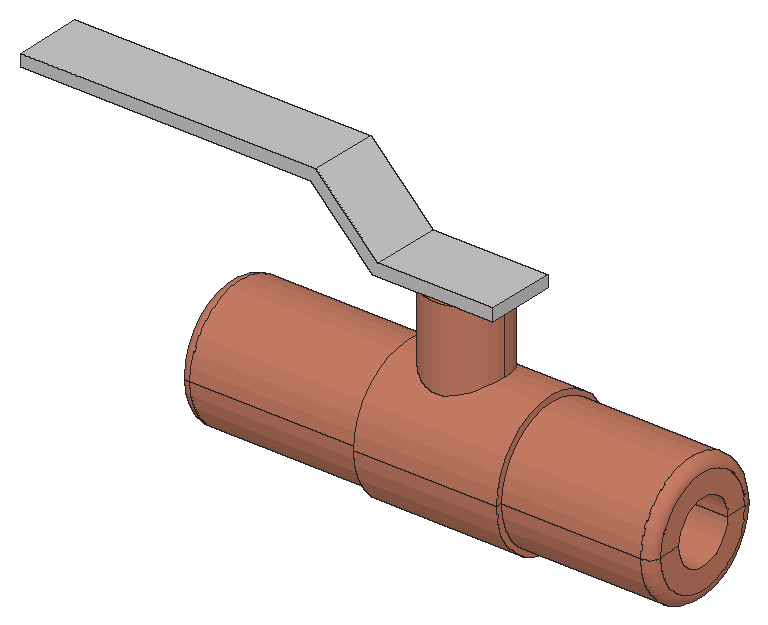
Revit family "Ball_Valves-Full_Port-WATTS-LFFBV3CQC_Series", category Pipe Accessories, Revit 2014
Parameters (values of type "LFFBV-3C-QC - 0.5"")
  built-in parameter 1114242 [instance] = (empty or 0)
  URL = "www.watts.com"
  Type Comments = ""
  Stem Radius = 0.310"
  Stem Height = 1.123"
  Region = "North America"  # constant formula
  Quick Connect Fillet = 0.090"  # constant formula
  Product Page URL = "http://www.watts.com/pages/_products_details.asp?pid=6968"
  Product Documentation Link = "http://media.wattswater.com/ES-LFFBV-3C-QC.pdf"
  Ordering Code = "0555269"
  Model = "LFFBV-3C-QC"  # constant formula
  Max. Working Pressure = "200psi @ 180°F (13.8 bar @ 82°C)"  # constant formula
  Material = "Lead Free-WATTS-Copper Silicon Alloy"  # constant formula
  Manufacturer Product Line = "Water Safety & Flow Control"  # constant formula
  Manufacturer = "WATTS"  # constant formula
  Length = 3.813"
  Handle Width = 0.550"
  Handle Thickness = 0.098"
  Handle Length = 3.375"
  Handle Height = 0.500"
  Description = "2 Piece, Full Port, Lead Free Brass Ball Valve"  # constant formula
  Country = "United States"  # constant formula
  Connection Type = "Quick Connect"  # constant formula
  Connection Radius = 1/4"
  Center To Outlet = Length / 2  # 1.9065"
  Center To Inlet = Length / 2  # 1.9065"
  Center To Handle Tang = 0.436"
  Center To Handle Back = Handle Width / 2  # 0.275"
  Center To Handle Angle = 0.492"
  Body Outlet Length = 0.690"
  Body Inlet Length = 0.460"
  Body Radius = 0.560"
  Quick Connect Radius = 0.515"
  Body Midpoint = (Center To Inlet + Center To Outlet) / 2  # 1.9065"
  Annotation Circle Radius = if(1 = 1, Body Radius / 2, 0.000")  # 0.280"
Types (4): name | Stem Radius | Stem Height | Ordering Code | Length | Handle Width | Handle Thickness | Handle Length | Handle Height | Connection Radius | Center To Outlet | Center To Inlet | Center To Handle Tang | Center To Handle Back | Center To Handle Angle | Body Outlet Length | Body Inlet Length | Body Radius | Quick Connect Radius | Body Midpoint | Annotation Circle Radius
  (no name) | 0.310" | 1.123" | "0555269" | 3.813" | 0.550" | 0.098" | 3.375" | 0.500" | 1/4" | 1.9065" | 1.9065" | 0.436" | 0.275" | 0.492" | 0.690" | 0.460" | 0.560" | 0.515" | 1.9065" | 0.280"
  LFFBV-3C-QC - 0.5" | 0.310" | 1.123" | "0555269" | 3.813" | 0.550" | 0.098" | 3.375" | 0.500" | 1/4" | 1.9065" | 1.9065" | 0.436" | 0.275" | 0.492" | 0.690" | 0.460" | 0.560" | 0.515" | 1.9065" | 0.280"
  LFFBV-3C-QC - 0.75" | 0.375" | 1.359" | "0555270" | 4.563" | 0.689" | 0.110" | 4.000" | 0.689" | 3/8" | 2.2815" | 2.2815" | 0.530" | 0.3445" | 0.483" | 0.830" | 0.630" | 0.780" | 0.660" | 2.2815" | 0.390"
  LFFBV-3C-QC - 1" | 0.465" | 1.633" | "0555271" | 5.000" | 0.807" | 0.126" | 4.250" | 0.750" | 1/2" | 2.500" | 2.500" | 0.640" | 0.4035" | 0.577" | 0.900" | 0.760" | 0.910" | 0.790" | 2.500" | 0.455"
Reference planes (in)
  plane 1 "Center (Front/Back)": y = 0
  plane 2 "Center (Elevation)": z = 0
  plane 3 "Center (Left/Right)": x = 0
  plane 4 "Inlet": x = -1.9065
  plane 5 "Outlet": x = 1.9065
  plane 6 "Body Inlet": x = -0.46
  plane 7 "Body Main Front": y = -0.56
  plane 8 "Body Small Front": y = -0.515
  plane 9 "Handle Back": y = 0.275
  plane 10 "Handle Front": y = -0.275
  plane 11 "Handle Tang": x = 0.436
  plane 12 "HandLength": x = -3.375
  plane 13: z = 1.123
  plane 14 "HandThk": z = 1.221
  plane 15 "Handle Ang": x = -0.492
  plane 16 "HandHgt": z = 1.623
  plane 17: z = 1.721
  plane 18 "Body Main Back": y = 0.56
  plane 19 "AnnotaionTop": z = 0.56
  plane 20 "Annotation_Bottom": z = -0.56
  plane 21 "Body Small Back": y = 0.515
  plane 22 "Body Midpoint": x = 0
  plane 23 "Body Outlet": x = 0.69
  plane 24: y = 0.25
Forms (in)
  Extrusion 1, solid, material "Lead Free-WATTS-Copper SIlicon Alloy"
    sketch origin (0, 0, 0) x (1, 0, 0) y (0, 1, 0)
      loop
        circle (0, 0) r 0.31
    from 0 to 1.123 <- "Stem Height"
  Extrusion 2, solid, material "Metal-WATTS-Steel"
    sketch origin (0, 0.275, 0) x (1, 0, 0) y (0, 0, 1)
      loop
        line (0.436, 1.221) -> (-0.492, 1.221) -> (-0.992, 1.721) -> (-3.375, 1.721) -> (-3.375, 1.623) -> (-1.03259, 1.623) -> (-0.53259, 1.123) -> (0.436, 1.123) -> (0.436, 1.221)
    from 0 to 0.55 <- "Handle Width"
  Revolve 3, solid, material "Lead Free-WATTS-Copper SIlicon Alloy"
    sketch origin (0, 0, 0) x (1, 0, 0) y (0, 1, 0)
      loop
        line (-1.9065, 0.25) -> (1.9065, 0.25) -> (1.9065, 0.425)
        arc (1.9065, 0.425) -> (1.88014, 0.48864) -> (1.8165, 0.515) r 0.09
        line (1.8165, 0.515) -> (0.69, 0.515) -> (0.69, 0.56) -> (-0.46, 0.56) -> (-0.46, 0.515) -> (-1.8165, 0.515)
        arc (-1.8165, 0.515) -> (-1.88014, 0.48864) -> (-1.9065, 0.425) r 0.09
        line (-1.9065, 0.425) -> (-1.9065, 0.25)
      axis (-1.9065, 0) -> (1.9065, 0)
    angle from 0 to 360
Cuts and joins
  joined: Extrusion 1, Revolve 3
Lines and regions (in)
  Masking region 1, detail levels fine
    outline origin (0, 0, 0) x (1, 0, 0) y (0, 1, 0)
      loop
        line (-0.46, 0.56) -> (-0.46, 0.515) -> (-1.9065, 0.515) -> (-1.9065, 0.275) -> (-3.375, 0.275) -> (-3.375, -0.275) -> (-1.9065, -0.275) -> (-1.9065, -0.515) -> (-0.46, -0.515) -> (-0.46, -0.56) -> (0.69, -0.56) -> (0.69, -0.515) -> (1.9065, -0.515) -> (1.9065, 0.515) -> (0.69, 0.515) -> (0.69, 0.56) -> (-0.46, 0.56)
  model lines, detail levels coarse+medium
    curve 1: line (-1.9065, 0.56, 0) -> (0, 0, 0)
    curve 2: line (1.9065, -0.56, 0) -> (1.9065, 0.56, 0)
    curve 3: line (1.9065, 0.56, 0) -> (0, 0, 0)
    curve 4: line (-1.9065, -0.56, 0) -> (-1.9065, 0.56, 0)
    curve 5: circle (0, 0, 0) r 0.28 normal (0, 0, 1)
    curve 6: line (0, 0, 0) -> (1.9065, -0.56, 0)
    curve 7: line (0, 0, 0) -> (-1.9065, -0.56, 0)
  symbolic lines, detail levels fine
    curve 8: line (-3.375, 0.275, 0) -> (0.436, 0.275, 0)
    curve 9: line (-3.375, -0.275, 0) -> (-3.375, 0.275, 0)
    curve 10: line (0.436, -0.275, 0) -> (-3.375, -0.275, 0)
    curve 11: line (0.436, 0.275, 0) -> (0.436, -0.275, 0)
    curve 12: line (0.69, 0.515, 0) -> (0.69, -0.515, 0)
    curve 13: line (-0.46, 0.56, 0) -> (-0.46, 0.275, 0)
    curve 14: line (-0.46, -0.275, 0) -> (-0.46, -0.56, 0)
Dimensions and locks (in)
  "Center To Inlet": plane 4 "Inlet" to plane 3 "Center (Left/Right)"
  "Center To Outlet": plane 3 "Center (Left/Right)" to plane 5 "Outlet"
  "Body Radius": plane 7 "Body Main Front" to plane 1 "Center (Front/Back)"
  "Quick Connect Radius": plane 8 "Body Small Front" to plane 1 "Center (Front/Back)"
  "Body Inlet Length": plane 6 "Body Inlet" to plane 3 "Center (Left/Right)"
  "Stem Radius": plane 3 "Center (Left/Right)" to Extrusion 1 sketch curve
  "Center To Handle Back": plane 1 "Center (Front/Back)" to plane 9 "Handle Back"
  "Handle Width": plane 10 "Handle Front" to plane 9 "Handle Back"
  "Stem Height": plane 13 to level
  "Handle Thickness": plane 14 "HandThk" to plane 13
  "Center To Handle Tang": plane 11 "Handle Tang" to plane 3 "Center (Left/Right)"
  "Center To Handle Angle": plane 3 "Center (Left/Right)" to plane 15 "Handle Ang"
  "Handle Length": plane 3 "Center (Left/Right)" to plane 12 "HandLength"
  "Handle Thickness": plane 17 to plane 16 "HandHgt"
  "Handle Height": plane 16 "HandHgt" to plane 13
  "Center To Handle Angle": plane 3 "Center (Left/Right)" to Extrusion 2 sketch curve
  "Handle Thickness": Extrusion 2 sketch curve to Extrusion 2 sketch curve
  "Body Radius": plane 1 "Center (Front/Back)" to plane 18 "Body Main Back"
  "Body Radius": plane 2 "Center (Elevation)" to plane 20 "Annotation_Bottom"
  "Body Radius": plane 19 "AnnotaionTop" to plane 2 "Center (Elevation)"
  "Quick Connect Radius": plane 1 "Center (Front/Back)" to plane 21 "Body Small Back"
  "Body Midpoint": plane 4 "Inlet" to plane 22 "Body Midpoint"
  "Body Outlet Length": plane 3 "Center (Left/Right)" to plane 23 "Body Outlet"
  "Connection Radius": plane 24 to plane 1 "Center (Front/Back)"
  "Annotation Circle Radius": radius of curve 5
  "Quick Connect Fillet": radius of Revolve 3 sketch curve  (x2)
  angle plane 15 "Handle Ang" to Extrusion 2 sketch curve = 45.00°
  aligned and locked: plane 11 "Handle Tang" to Extrusion 2 sketch curve
  aligned and locked: Extrusion 2 sketch curve to plane 14 "HandThk"
  aligned and locked: plane 17 to Extrusion 2 sketch curve
  aligned and locked: plane 12 "HandLength" to Extrusion 2 sketch curve
  aligned and locked: plane 16 "HandHgt" to Extrusion 2 sketch curve
  aligned and locked: plane 13 to Extrusion 2 sketch curve
  aligned and locked: Extrusion 2 to plane 9 "Handle Back"
  aligned and locked: plane 10 "Handle Front" to Extrusion 2
  aligned and locked: Extrusion 1 to plane 13
  aligned and locked: Extrusion 1 to level
  aligned and locked: plane 9 "Handle Back" to curve 8
  aligned and locked: plane 12 "HandLength" to curve 9
  aligned and locked: curve 10 to plane 10 "Handle Front"
  aligned and locked: curve 11 to plane 11 "Handle Tang"
  aligned and locked: plane 22 "Body Midpoint" to curve 5
  aligned and locked: plane 1 "Center (Front/Back)" to curve 5
  aligned and locked: plane 18 "Body Main Back" to curve 4
  aligned and locked: plane 7 "Body Main Front" to curve 7
  aligned and locked: plane 22 "Body Midpoint" to curve 1
  aligned and locked: plane 1 "Center (Front/Back)" to curve 6
  aligned and locked: plane 4 "Inlet" to Revolve 3 sketch curve
  aligned and locked: Revolve 3 sketch curve to plane 21 "Body Small Back"  (x2)
  aligned and locked: plane 6 "Body Inlet" to Revolve 3 sketch curve
  aligned and locked: Revolve 3 sketch curve to plane 18 "Body Main Back"
  aligned and locked: Revolve 3 sketch curve to plane 23 "Body Outlet"
  aligned and locked: Revolve 3 sketch curve to plane 5 "Outlet"
  aligned and locked: plane 1 "Center (Front/Back)" to Revolve 3 sketch curve
  aligned and locked: Masking region 1 sketch curve to cut or joined group of Extrusion 1, Revolve 3  (x2)
  aligned and locked: Masking region 1 sketch curve to plane 7 "Body Main Front"
  aligned and locked: Masking region 1 sketch curve to plane 21 "Body Small Back"  (x2)
  aligned and locked: plane 4 "Inlet" to Masking region 1 sketch curve  (x2)
  aligned and locked: Masking region 1 sketch curve to plane 8 "Body Small Front"  (x2)
  aligned and locked: Masking region 1 sketch curve to plane 5 "Outlet"
  aligned and locked: Masking region 1 sketch curve to plane 23 "Body Outlet"
  aligned and locked: Masking region 1 sketch curve to plane 18 "Body Main Back"
  aligned and locked: plane 6 "Body Inlet" to Masking region 1 sketch curve
  aligned and locked: Extrusion 2 to Masking region 1 sketch curve
  aligned and locked: Masking region 1 sketch curve to Extrusion 2  (x2)
  aligned and locked: curve 13 to cut or joined group of Extrusion 1, Revolve 3
  aligned and locked: plane 24 to Revolve 3 sketch curve
Automatic sketch dimensions
  Extrusion 1 sketch curve to plane 1 "Center (Front/Back)" = 0.000"
  Extrusion 1 sketch curve to plane 3 "Center (Left/Right)" = 0.000"
  curve 1 to plane 4 "Inlet" = 0.000"
  curve 14 to plane 6 "Body Inlet" = 0.000"
  curve 12 to plane 21 "Body Small Back" = 0.000"
  curve 12 to plane 23 "Body Outlet" = 0.000"
  curve 3 to plane 5 "Outlet" = 0.000"
  plane 7 "Body Main Front" to curve 14 = 0.000"
  plane 7 "Body Main Front" to curve 2 = 0.000"
  plane 8 "Body Small Front" to curve 12 = 0.000"
  curve 13 to plane 18 "Body Main Back" = 0.000"
  curve 3 to plane 18 "Body Main Back" = 0.000"
  Revolve 3 sketch curve to plane 5 "Outlet" = 0.48942"
  plane 5 "Outlet" to Revolve 3 sketch curve = 0.26058"
Connectors (in)
  piping at (-1.9065, 0, 0), diameter 0.5, driven by "Connection Radius"
    settings: on Revolve 3, index 1, connector inside diameter 1/2", connector length 0.000", flow factor 0, pipe flow 0 GPM, pressure drop 0.00 psi, fitting loss kfactor 0, connector angle 0.00°, fixture units 0, engagement length 0.000", angle of deflection 0.00°, flow configuration 0, flow direction 0, fitting loss method 0, system type 29, joint type 0, gender type 0, connector reference index 2, connector utility 0, adjustable connector no, is connector primary yes, connector description "Connection 1"
  piping at (1.9065, 0, 0), diameter 0.5, driven by "Connection Radius"
    settings: on Revolve 3, index 2, connector inside diameter 1/2", connector length 0.000", flow factor 0, pipe flow 0 GPM, pressure drop 0.00 psi, fitting loss kfactor 0, connector angle 0.00°, fixture units 0, engagement length 0.000", angle of deflection 0.00°, flow configuration 0, flow direction 0, fitting loss method 0, system type 29, joint type 0, gender type 0, connector reference index 1, connector utility 0, adjustable connector no, is connector primary no, connector description "Connection 2"
